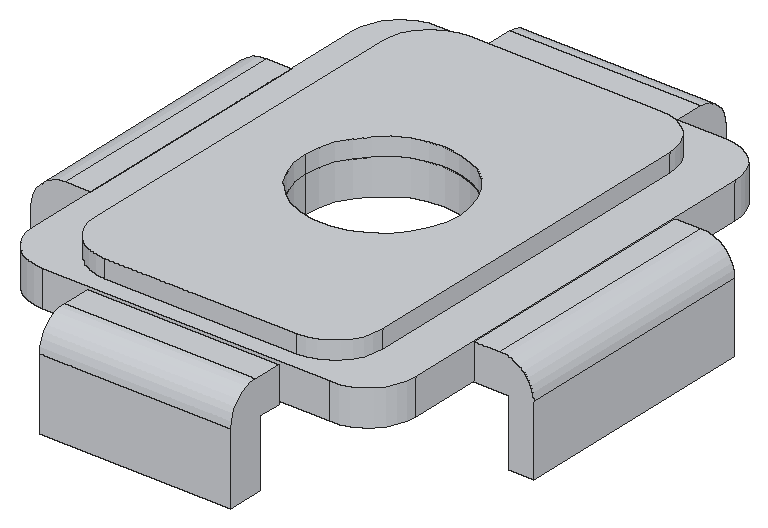
Revit family "Kombiprofilhalter, fvz", category HLS-Bauteile, Revit 2023
Family settings
  Bemaßung runder Anschluss = Durchmesser verwenden
  Teiletyp = Normal
  Arbeitsebenenbasiert = Ja
  Immer vertikal = Nein
  Beim Laden mit Abzugskörper schneiden = Nein
  Beschriftungsausrichtung beibehalten = Nein
  Gemeinsam genutzt = Ja
  Raumberechnungspunkt = Nein
Parameters (values of type "Kombiprofilhalter 13, fvz")
  vpe = "100"
  max. zul. Last = 4.70 kN
  für Gewinde = "M12"
  Default Elevation = 1219.2 mm
  Stärke Material = 3 mm
  Regelhalter [instance] = ""
  Profiltyp = "35, 45, Stex 35"
  Mengeneinheit = "St"
  Materialname = "S235"
  Material = "Stahl"
  Länge Innen = ""
  Länge = 52 mm
  Lochdurchmesser = "13 mm"
  Lochabstand = ""
  Langloch = ""
  Kurztext2 = "Bohrung 13 mm für Gewinde M12"
  Kurztext1 = "Kombiprofilhalter fvz"
  Klauenbreite 2 = "16 mm"
  Klauenbreite 1 = "21 mm"
  Höhe = "10.1 mm"
  Gewicht pro Bauteil = Gewicht  # 0.0501 kg
  Gewicht = 0.0501 kg
  Fabrikat = "MEFA"
  EAN = "4250928459657"
  D = 13 mm
  Breite Material = ""
  Breite = 43 mm
  Artikelnummer = "08162945/fvz"
  Anschlusslochung = ""
Types (3, lengths in mm): name | für Gewinde | Lochdurchmesser | Kurztext2 | Gewicht pro Bauteil | Gewicht | EAN | D | Artikelnummer
  Kombiprofilhalter 11, fvz | "M10" | "11 mm" | "Bohrung 11 mm für Gewinde M10" | 0.0523 kg | 0.0523 kg | "4250928459466" | 11 | "08095035/fvz"
  Kombiprofilhalter 13, fvz | "M12" | "13 mm" | "Bohrung 13 mm für Gewinde M12" | 0.0501 kg | 0.0501 kg | "4250928459657" | 13 | "08162945/fvz"
  Kombiprofilhalter 17, fvz | "M16" | "17 mm" | "Bohrung 17 mm für Gewinde M16" | 0.049 kg | 0.049 kg | "4250928459473" | 17 | "08163365/fvz"
Reference planes
  plane 1 "Mitte (Vorne/hinten)": y = 0
  plane 2: z = 0
  plane 3 "Mitte (Links/rechts)": x = 0
  plane 4: x = -16
  plane 5: x = 16
  plane 6: y = 20.5
  plane 7: y = -20.5
  plane 8: y = 19
  plane 9: y = -19
  plane 10: x = -12
  plane 11: x = 12
  plane 12: z = -5.6
Forms (mm)
  Extrusion 1, solid
    sketch origin (0, 0, 0) x (1, 0, 0) y (0, 1, 0)
      loop
        arc (-12, 20.845) -> (-14.828, 19.674) -> (-16, 16.845) r 4
        line (-16, 16.845) -> (-16, -16.5)
        arc (-16, -16.5) -> (-14.828, -19.328) -> (-12, -20.5) r 4
        line (-12, -20.5) -> (12, -20.5)
        arc (12, -20.5) -> (14.828, -19.328) -> (16, -16.5) r 4
        line (16, -16.5) -> (16, 16.845)
        arc (16, 16.845) -> (14.828, 19.674) -> (12, 20.845) r 4
        line (12, 20.845) -> (-12, 20.845)
    from 0 to 3
  Extrusion 2, solid
    sketch origin (0, 0, 0) x (1, 0, 0) y (0, 1, 0)
      loop
        arc (-8, 19) -> (-10.828, 17.828) -> (-12, 15) r 4
        line (-12, 15) -> (-12, -15)
        arc (-12, -15) -> (-10.828, -17.828) -> (-8, -19) r 4
        line (-8, -19) -> (8, -19)
        arc (8, -19) -> (10.828, -17.828) -> (12, -15) r 4
        line (12, -15) -> (12, 15)
        arc (12, 15) -> (10.828, 17.828) -> (8, 19) r 4
        line (8, 19) -> (-8, 19)
    from 3 to 4.5
  Extrusion 3, solid
    sketch origin (0, 0, 0) x (1, 0, 0) y (0, 0, 1)
      loop
        line (16, 3) -> (16, 0) -> (18.961, 0) -> (18.961, -5.6) -> (21, -5.6) -> (21, 0.239)
        arc (21, 0.239) -> (20.191, 2.191) -> (18.239, 3) r 2.761
        line (18.239, 3) -> (16, 3)
      loop
        line (-16, 3) -> (-18.084, 3)
        arc (-18.084, 3) -> (-20.146, 2.146) -> (-21, 0.084) r 2.916
        line (-21, 0.084) -> (-21, -5.6) -> (-18.961, -5.6) -> (-18.961, 0) -> (-16, 0) -> (-16, 3)
    from -10.5 to 10.5
  Extrusion 4, solid
    sketch origin (0, 0, 0) x (0, 1, 0) y (0, 0, 1)
      loop
        line (20.845, 3) -> (20.845, 0) -> (22.833, 0) -> (22.833, -5.6) -> (25.845, -5.6) -> (25.845, 0.413)
        arc (25.845, 0.413) -> (25.088, 2.242) -> (23.258, 3) r 2.587
        line (23.258, 3) -> (20.845, 3)
      loop
        line (-20.845, 3) -> (-23.258, 3)
        arc (-23.258, 3) -> (-25.088, 2.242) -> (-25.845, 0.413) r 2.587
        line (-25.845, 0.413) -> (-25.845, -5.6) -> (-22.833, -5.6) -> (-22.833, 0) -> (-20.845, 0) -> (-20.845, 3)
    from -8 to 8
  Extrusion 5, void
    sketch origin (0, 0, 0) x (1, 0, 0) y (0, 1, 0)
      loop
        circle (0, 0) r 6.5
    from -10.5 to 10.5
Cuts and joins
  Extrusion 5 cuts Extrusion 1
  Extrusion 5 cuts Extrusion 2
Lines and regions (mm)
  model lines, not visible
    curve 1: line (0, 0, 18.146) -> (0, 0, -18.51)
    curve 2: line (6.566, 0, 4.5) -> (-6.74, 0, 4.5)
    curve 3: line (0, 7.808, 4.5) -> (0, -7.192, 4.5)
Dimensions and locks
  "D": diameter of Extrusion 5 sketch curve
  aligned and locked: level to plane 2
  aligned and locked: plane 3 "Mitte (Links/rechts)" to curve 1
  aligned and locked: curve 2 to cut or joined group of Extrusion 2, Extrusion 5
  aligned and locked: curve 3 to cut or joined group of Extrusion 2, Extrusion 5
Automatic sketch dimensions
  Extrusion 1 sketch curve to plane 4 = 0 mm
  plane 7 to Extrusion 1 sketch curve = 0 mm
  Extrusion 1 sketch curve to plane 10 = 0 mm  (x2)
  Extrusion 1 sketch curve to plane 11 = 0 mm  (x2)
  Extrusion 1 sketch curve to plane 5 = 0 mm
  Extrusion 1 sketch curve to plane 8 = 2.155 mm
  Extrusion 2 sketch curve to plane 10 = 0 mm
  plane 9 to Extrusion 2 sketch curve = 0 mm
  Extrusion 2 sketch curve to plane 8 = 0 mm
  Extrusion 2 sketch curve to plane 11 = 0 mm
  plane 10 to Extrusion 2 sketch curve = 4 mm
  Extrusion 2 sketch curve to Extrusion 2 sketch curve = 4 mm
  plane 11 to Extrusion 2 sketch curve = 4 mm
  Extrusion 2 sketch curve to plane 8 = 4 mm
  Extrusion 3 sketch curve to plane 12 = 0 mm  (x2)
  Extrusion 3 sketch curve to level = 0 mm  (x2)
  Extrusion 3 sketch curve to plane 4 = 0 mm
  plane 5 to Extrusion 3 sketch curve = 0 mm
  Extrusion 3 sketch curve to plane 4 = 2.084 mm
  Extrusion 3 sketch curve to plane 4 = 2.961 mm
  level to Extrusion 3 sketch curve = 0.084 mm
  Extrusion 3 sketch curve to Extrusion 3 sketch curve = 2.039 mm  (x2)
  Extrusion 3 sketch curve to plane 5 = 2.239 mm
  Extrusion 3 sketch curve to Extrusion 3 sketch curve = 0.722 mm
  level to Extrusion 3 sketch curve = 0.239 mm
  Extrusion 4 sketch curve to plane 12 = 0 mm  (x2)
  Extrusion 4 sketch curve to level = 0 mm  (x2)
  plane 7 to Extrusion 4 sketch curve = 5.345 mm
  level to Extrusion 4 sketch curve = 0.413 mm  (x2)
  Extrusion 4 sketch curve to Extrusion 4 sketch curve = 2.587 mm  (x2)
  plane 7 to Extrusion 4 sketch curve = 2.333 mm
  plane 7 to Extrusion 4 sketch curve = 0.345 mm
  plane 6 to Extrusion 4 sketch curve = 0.345 mm
  plane 6 to Extrusion 4 sketch curve = 2.333 mm
  Extrusion 4 sketch curve to Extrusion 4 sketch curve = 2.413 mm
  curve 1 to plane 12 = 12.91 mm
  plane 10 to curve 2 = 5.26 mm
  plane 11 to curve 2 = 5.434 mm
  curve 2 to curve 1 = 13.646 mm
  plane 1 "Mitte (Vorne/hinten)" to curve 3 = 7.192 mm
  curve 3 to plane 1 "Mitte (Vorne/hinten)" = 7.808 mm
  plane 1 "Mitte (Vorne/hinten)" to Extrusion 5 sketch curve = 0 mm
  Extrusion 5 sketch curve to plane 3 "Mitte (Links/rechts)" = 0 mm
